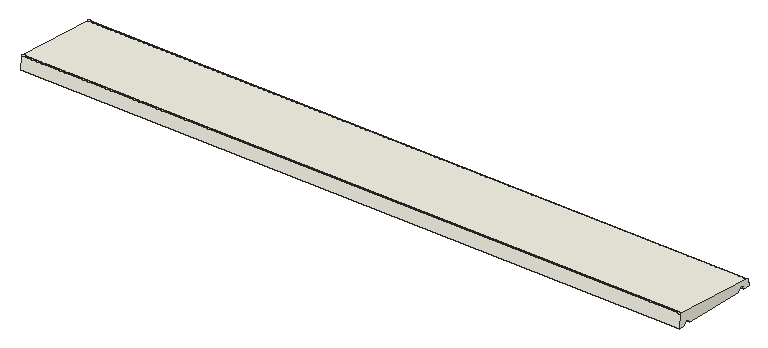
Revit family "Albardilla MB. C-1", category Modelos genéricos, Revit 2020
Family settings
  Puede alojar armadura = No
  Cota de conector redondo = Diámetro de uso
  Tipo de pieza = Normal
  Se basa en plano de trabajo = No
  Siempre vertical = No
  Corte con vacíos al cargar = No
  Compartido = No
  Punto de cálculo de habitación = No
Parameters (values of type "MB12")
  Descripción = "Pieza de hormigón polímero con anclaje de acero inoxidable."
  Ancho doble = Ancho / 4  # 30 mm
  Visible una linea = if(Ancho > 300 mm, 2 = 3, 2 = 2)  # yes
  Visible dos líneas = if(Ancho > 300 mm, 2 = 2, 2 = 3)  # no
  URL = "https://www.ulmaarchitectural.com/es-es"
  Nº filas anclajes [instance] = if(Longitud > 2600 mm, 6, if(Longitud < 660 mm, 2, Longitud / Dist. entre anclajes))  # 3
  Modelo = "Albardilla MB12"
  Material = Hormigón polímero STONEO. Color C-1
  Longitud real [instance] = if(Longitud > 2600 mm, 2600 mm, if(Longitud < 500 mm, 500 mm, Longitud))  # 1300 mm
  Longitud [instance] = 1300 mm
  Fabricante = "ULMA Architectural Solutions"
  Elevación por defecto = 0 mm
  Dist. entre anclajes [instance] = if(Longitud < 650 mm, 340 mm, 440 mm)  # 440 mm
  Dist primer anclaje [instance] = if(Longitud < 700 mm, 80 mm, 150 mm)  # 150 mm
  Código de montaje = "MB12"
  Ancho total = Ancho + 50 mm  # 170 mm
  Ancho = 120 mm
Types (11, lengths in mm): name | Ancho doble | Visible una linea | Visible dos líneas | Modelo | Código de montaje | Ancho total | Ancho
  (no name) | 30 | yes | no | "Albardilla MB12" | "MB12" | 170 | 120
  MB12 | 30 | yes | no | "Albardilla MB12" | "MB12" | 170 | 120
  MB14 | 35 | yes | no | "Albardilla MB14" | "MB14" | 190 | 140
  MB17 | 42.5 | yes | no | "Albardilla MB17" | "MB17" | 220 | 170
  MB19 | 47.5 | yes | no | "Albardilla MB19" | "MB19" | 240 | 190
  MB22 | 55 | yes | no | "Albardilla MB22" | "MB22" | 270 | 220
  MB25 | 62.5 | yes | no | "Albardilla MB25" | "MB25" | 300 | 250
  MB30 | 75 | yes | no | "Albardilla MB30" | "MB30" | 350 | 300
  MB35 | 87.5 | no | yes | "Albardilla MB35" | "MB35" | 400 | 350
  MB40 | 100 | no | yes | "Albardilla MB40" | "MB40" | 450 | 400
  MB27 | 67.5 | yes | no | "Albardilla MB27" | "MB27" | 320 | 270
Reference planes
  plane 1 "Centro (Frontal/Posterior)": y = 0
  plane 2: z = 0
  plane 3 "Centro (Izquierda/Derecha)": x = 0
  plane 4: y = -30
  plane 5: y = 30
Forms (mm)
  Extrusion 1, solid, material "Hormigón polímero STONEO. Color C-1" <- "Material"
    sketch origin (0, 0, 0) x (0, 1, 0) y (0, 0, 1)
      loop
        line (-85, 0) -> (-75, 0) -> (-69.036, 7.156)
        arc (-69.036, 7.156) -> (-67.5, 7.876) -> (-65.964, 7.156) r 2
        line (-65.964, 7.156) -> (-60, 0) -> (60, 0) -> (65.964, 7.156)
        arc (65.964, 7.156) -> (67.5, 7.876) -> (69.036, 7.156) r 2
        line (69.036, 7.156) -> (75, 0) -> (85, 0) -> (82.637, 13.403)
        arc (82.637, 13.403) -> (81.978, 14.566) -> (80.734, 15.054) r 2
        line (80.734, 15.054) -> (-78.857, 24.942)
        arc (-78.857, 24.942) -> (-80.183, 24.496) -> (-80.893, 23.29) r 2
        line (-80.893, 23.29) -> (-85, 0)
    from 0 to 1300
Dimensions and locks
  equal spacing: Extrusion 1 sketch curve, plane 1 "Centro (Frontal/Posterior)", Extrusion 1 sketch curve
  "Ancho total": Extrusion 1 sketch curve to Extrusion 1 sketch curve
  Extrusion 1 sketch curve to Extrusion 1 sketch curve = 10 mm
  Extrusion 1 sketch curve to Extrusion 1 sketch curve = 15 mm
  "Longitud real": Extrusion 1 to Extrusion 1
  "Dist primer anclaje": Extrusion 1 to nested 1
  equal spacing: group 1, group 2, group 7  (x3)
  "Dist. entre anclajes": nested 1 to nested 2
  "Dist primer anclaje": plane 3 "Centro (Izquierda/Derecha)" to nested 3
  "Dist primer anclaje": plane 3 "Centro (Izquierda/Derecha)" to nested 4
  "Ancho doble": plane 1 "Centro (Frontal/Posterior)" to plane 4
  "Ancho doble": plane 1 "Centro (Frontal/Posterior)" to plane 5
  equal spacing: group 3, group 4, group 8  (x3)
  "Dist. entre anclajes": nested 4 to nested 5
  equal spacing: group 5, group 6, group 9  (x3)
  "Dist. entre anclajes": nested 3 to nested 6
  Extrusion 1 sketch curve to Extrusion 1 sketch curve to Extrusion 1 sketch curve = 10 mm, 15 mm
  Extrusion 1 sketch curve to level = 7.876 mm  (x2)
  Extrusion 1 sketch curve to level = 15.054 mm
  Extrusion 1 sketch curve to level = 24.942 mm
  radius of Extrusion 1 sketch curve = 2 mm  (x2)
  angle Extrusion 1 sketch curve to Extrusion 1 sketch curve = 80.00°  (x2)
  aligned and locked: level to plane 2
  aligned and locked: plane 1 "Centro (Frontal/Posterior)" to nested 1
  aligned and locked: level to nested 2
  aligned and locked: level to nested 1
  aligned and locked: nested 4 to plane 4
  aligned and locked: nested 3 to plane 5
  aligned and locked: nested 5 to plane 4
  aligned and locked: nested 6 to plane 5
Automatic sketch dimensions
  Extrusion 1 sketch curve to level = 0 mm  (x3)
  level to Extrusion 1 sketch curve = 23.29 mm
  Extrusion 1 sketch curve to Extrusion 1 sketch curve = 1.97 mm
  level to Extrusion 1 sketch curve = 7.156 mm  (x4)
  Extrusion 1 sketch curve to Extrusion 1 sketch curve = 5.964 mm  (x2)
  Extrusion 1 sketch curve to Extrusion 1 sketch curve = 1.536 mm  (x2)
  Extrusion 1 sketch curve to Extrusion 1 sketch curve = 11.631 mm
  level to Extrusion 1 sketch curve = 13.403 mm
Nested families
  nested 1: "Anclaje imposta" at (150, 0, -2) x (0, -1, 0) z (0, 0, 1), visible <- "Visible una linea", type "Anclaje imposta"
  nested 2: "Anclaje imposta" at (590, 0, -2) x (0, -1, 0) z (0, 0, 1), visible <- "Visible una linea", type "Anclaje imposta"
  nested 3: "Anclaje imposta" at (150, 30, -2) x (0, -1, 0) z (0, 0, 1), visible <- "Visible dos líneas", type "Anclaje imposta"
  nested 4: "Anclaje imposta" at (150, -30, -2) x (0, -1, 0) z (0, 0, 1), visible <- "Visible dos líneas", type "Anclaje imposta"
  nested 5: "Anclaje imposta" at (590, -30, -2) x (0, -1, 0) z (0, 0, 1), visible <- "Visible dos líneas", type "Anclaje imposta"
  nested 6: "Anclaje imposta" at (590, 30, -2) x (0, -1, 0) z (0, 0, 1), visible <- "Visible dos líneas", type "Anclaje imposta"
  nested 7: "Anclaje imposta" at (1030, 0, -2) x (0, -1, 0) z (0, 0, 1), visible <- "Visible una linea", type "Anclaje imposta"
  nested 8: "Anclaje imposta" at (1030, -30, -2) x (0, -1, 0) z (0, 0, 1), visible <- "Visible dos líneas", type "Anclaje imposta"
  nested 9: "Anclaje imposta" at (1030, 30, -2) x (0, -1, 0) z (0, 0, 1), visible <- "Visible dos líneas", type "Anclaje imposta"
Definition of nested family "Anclaje imposta"
  Parameters (values of type "Anclaje inoxidable estándar")
    URL = "https://www.ulmaarchitectural.com/es-es"
    Model = "Sujeción anclaje inoxidable estándar SPE"
    Material = none
    Manufacturer = "ULMA"
    Default Elevation = 0 mm
    Assembly Code = "901250015"
  Reference planes
    plane 1 "Centro (Frontal/Posterior)": y = 0
    plane 2: z = 0
    plane 3 "Centro (Izquierda/Derecha)": x = 0
  Dimensions and locks
    equal spacing: import instance, plane 3 "Centro (Izquierda/Derecha)", import instance
    aligned and locked: level to plane 2
